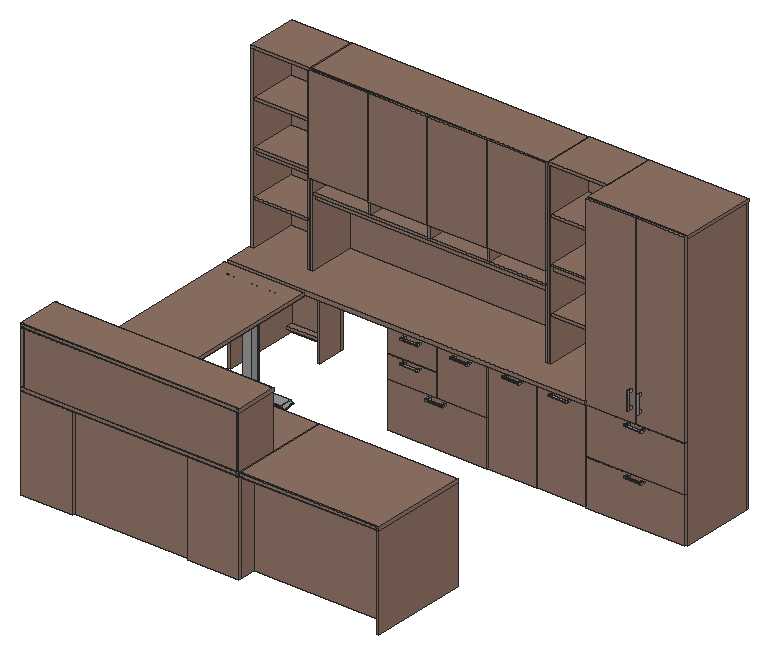
Revit family "JSI-Vision-Typical_Veneer-VSV112", category Furniture, Revit 2020 (continued)
Definition of nested family "JSI-Vision-File_File_Lateral_Storage_Cabinet"
  Dimensions and locks (in)
    aligned and locked: Extrusion 8 to plane 46
    aligned and locked: plane 21 to Extrusion 8
    aligned and locked: Extrusion 11 to plane 20
    aligned and locked: plane 21 to Extrusion 11
    aligned and locked: plane 42 to nested 5
    aligned and locked: plane 43 to nested 4
    aligned and locked: plane 24 to nested 4
    aligned and locked: plane 24 to nested 5
    aligned and locked: Extrusion 8 to plane 39
    aligned and locked: plane 13 to Extrusion 9
    aligned and locked: plane 13 to Extrusion 10
    aligned and locked: plane 44 to nested 1
    aligned and locked: curve 1 to Extrusion 4
    aligned and locked: curve 2 to Extrusion 4
    aligned and locked: curve 3 to Extrusion 4
    aligned and locked: curve 4 to Extrusion 4
    aligned and locked: curve 5 to Extrusion 8
    aligned and locked: curve 6 to Extrusion 8
    aligned and locked: curve 7 to Extrusion 8
    aligned and locked: curve 8 to Extrusion 8
    aligned and locked: curve 9 to Extrusion 7
    aligned and locked: curve 10 to Extrusion 7
    aligned and locked: curve 11 to Extrusion 7
    aligned and locked: curve 12 to Extrusion 7
    aligned and locked: Extrusion 11 sketch curve to plane 40
    aligned and locked: plane 22 to Extrusion 11 sketch curve
    aligned and locked: Extrusion 11 sketch curve to Extrusion 11 sketch curve  (x2)
    aligned and locked: plane 44 to nested 5
    aligned and locked: plane 44 to nested 4
  Automatic sketch dimensions
    Extrusion 9 sketch curve to Extrusion 9 sketch curve = 3/4"
    Extrusion 10 sketch curve to Extrusion 10 sketch curve = 3/4"
    Extrusion 7 sketch curve to plane 20 = 0"
    plane 21 to Extrusion 8 sketch curve = 0"
    Extrusion 7 sketch curve to plane 30 = 1 5/8"
    Extrusion 8 sketch curve to plane 30 = 1 1/2"
    Extrusion 12 sketch curve to Extrusion 12 sketch curve = 3/4"
    Extrusion 13 sketch curve to Extrusion 13 sketch curve = 3/4"
    Extrusion 14 sketch curve to Extrusion 14 sketch curve = 3/4"
  Nested families (in)
    nested 1: "Label 1-16 OH" at (18, -23.875, 0), type "OH DOORS"
    nested 2: "Vertical Bar Pull" at (19.5625, -23.875, 34.25), Pull Finish <- "Pull Finish", type "PL"
      with Pull Finish none
    nested 3: "Vertical Bar Pull" at (16.4375, -23.875, 34.25), Pull Finish <- "Pull Finish", type "PL"
      with Pull Finish none
    nested 4: "Bar Pull" at (18, -23.875, 13.2), Pull Finish <- "Pull Finish", type "PL"
      with Pull Finish none
    nested 5: "Bar Pull" at (18, -23.875, 27.135), Pull Finish <- "Pull Finish", type "PL"
      with Pull Finish none
  Definition of nested family "Vertical Bar Pull"
    Parameters
      Pull Finish [instance] = none
      Default Elevation = 0"
    Reference planes (in)
      plane 1 "Center Front/Back": y = 0
      plane 2: z = 0
      plane 3 "Center Left/Right": x = 0
      plane 4: x = -2.68731
      plane 5: x = -1.88731
      plane 6: x = 2.68731
      plane 7: x = 1.88731
      plane 8: y = -1
      plane 9: y = -0.85202
      plane 10: z = 2.68731
      plane 11: z = 1.88731
      plane 12: z = -1.88731
      plane 13: z = -2.68731
    Forms (in)
      Extrusion 1, solid, material <- "Pull Finish"
        sketch origin (0, 0, 0) x (0, 1, 0) y (-1, 0, 0)
          loop
            line (0, -0.2015) -> (0, 0.2015) -> (-0.85202, 0.2015)
            arc (-0.85202, 0.2015) -> (-0.75, 0) -> (-0.85202, -0.2015) r 0.25
            line (-0.85202, -0.2015) -> (0, -0.2015)
        from 1.88731 to 2.68731
      Extrusion 2, solid, material <- "Pull Finish"
        sketch origin (0, 0, 0) x (0, 1, 0) y (-1, 0, 0)
          loop
            circle (-1, 0) r 0.25
        from -2.68731 to 2.68731
      Extrusion 3, solid, material <- "Pull Finish"
        sketch origin (0, 0, 0) x (1, 0, 0) y (0, 1, 0)
          loop
            line (0.2015, 0) -> (-0.2015, 0) -> (-0.2015, -0.85202)
            arc (-0.2015, -0.85202) -> (0, -0.75) -> (0.2015, -0.85202) r 0.25
            line (0.2015, -0.85202) -> (0.2015, 0)
        from 1.88731 to 2.68731
      Extrusion 4, solid, material <- "Pull Finish"
        sketch origin (0, 0, -4.57462) x (1, 0, 0) y (0, 1, 0)
          loop
            line (0.2015, 0) -> (-0.2015, 0) -> (-0.2015, -0.85202)
            arc (-0.2015, -0.85202) -> (0, -0.75) -> (0.2015, -0.85202) r 0.25
            line (0.2015, -0.85202) -> (0.2015, 0)
        from 1.88731 to 2.68731
    Dimensions and locks (in)
      plane 4 to plane 5 to plane 3 "Center Left/Right" to plane 7 to plane 6 = 0.8" locked, 1.88731" locked, 1.88731" locked, 0.8" locked
      plane 8 to plane 9 to plane 1 "Center Front/Back" = 0.14798" locked, 0.85202" locked
      plane 13 to plane 12 to plane 2 to plane 11 to plane 10 = 0.8" locked, 1.88731" locked, 1.88731" locked, 0.8" locked
      plane 1 "Center Front/Back" to plane 9 to plane 8 = 0.85202" locked, 0.14798" locked
      aligned and locked: level to plane 2
      aligned and locked: plane 8 to Extrusion 2 sketch curve
      aligned and locked: Extrusion 3 to plane 1 "Center Front/Back"
      aligned and locked: Extrusion 1 to plane 1 "Center Front/Back"
      aligned and locked: Extrusion 4 to plane 1 "Center Front/Back"
      aligned and locked: Extrusion 3 to plane 10
      aligned and locked: Extrusion 3 to plane 11
      aligned and locked: Extrusion 2 to plane 10
      aligned and locked: Extrusion 2 to plane 13
      aligned and locked: Extrusion 4 to plane 13
      aligned and locked: Extrusion 4 to plane 12
      aligned and locked: plane 1 "Center Front/Back" to Extrusion 4
      aligned and locked: plane 1 "Center Front/Back" to Extrusion 3
      aligned and locked: Extrusion 4 to plane 9
      aligned and locked: Extrusion 3 to plane 9
  Definition of nested family "Bar Pull"
    Parameters
      Pull Finish [instance] = none
      Default Elevation = 0"
    Reference planes (in)
      plane 1 "Center Front/Back": y = 0
      plane 2: z = 0
      plane 3 "Center Left/Right": x = 0
      plane 4: x = -2.68731
      plane 5: x = -1.88731
      plane 6: x = 2.68731
      plane 7: x = 1.88731
      plane 8: y = -1
      plane 9: y = -0.85202
    Forms (in)
      Extrusion 1, solid, material <- "Pull Finish"
        sketch origin (0, 0, 0) x (0, 1, 0) y (0, 0, 1)
          loop
            line (0, -0.2015) -> (0, 0.2015) -> (-0.85202, 0.2015)
            arc (-0.85202, 0.2015) -> (-0.75, 0) -> (-0.85202, -0.2015) r 0.25
            line (-0.85202, -0.2015) -> (0, -0.2015)
        from 1.88731 to 2.68731
      Extrusion 2, solid, material <- "Pull Finish"
        sketch origin (0, 0, 0) x (0, 1, 0) y (0, 0, 1)
          loop
            circle (-1, 0) r 0.25
        from -2.68731 to 2.68731
      Extrusion 3, solid, material <- "Pull Finish"
        sketch origin (0, 0, 0) x (0, 1, 0) y (0, 0, -1)
          loop
            line (0, 0.2015) -> (-0.85202, 0.2015)
            arc (-0.85202, 0.2015) -> (-0.75, 0) -> (-0.85202, -0.2015) r 0.25
            line (-0.85202, -0.2015) -> (0, -0.2015) -> (0, 0.2015)
        from 1.88731 to 2.68731
    Dimensions and locks (in)
      plane 4 to plane 5 to plane 3 "Center Left/Right" to plane 7 to plane 6 = 0.8" locked, 1.88731" locked, 1.88731" locked, 0.8" locked
      plane 8 to plane 9 to plane 1 "Center Front/Back" = 0.14798" locked, 0.85202" locked
      aligned and locked: level to plane 2
      aligned and locked: plane 4 to Extrusion 3
      aligned and locked: Extrusion 3 to plane 5
      aligned and locked: plane 4 to Extrusion 2
      aligned and locked: Extrusion 1 to plane 7
      aligned and locked: plane 6 to Extrusion 1
      aligned and locked: plane 6 to Extrusion 2
      aligned and locked: plane 8 to Extrusion 2 sketch curve
      aligned and locked: Extrusion 3 to plane 1 "Center Front/Back"
      aligned and locked: Extrusion 1 to plane 1 "Center Front/Back"
      aligned and locked: plane 5 to Extrusion 3
      aligned and locked: Extrusion 3 to plane 4
      aligned and locked: Extrusion 2 to plane 4
      aligned and locked: plane 7 to Extrusion 1
      aligned and locked: Extrusion 1 to plane 6
      aligned and locked: Extrusion 2 to plane 6
  Definition of nested family "Label 1-16 OH"
    Parameters
      Width = 1"
      Model Name = "Storage/Lat File"
    Reference planes (in)
      plane 1: y = 0
      plane 2: x = 0
    Text (in)
      label "XX" at (0.00051, -0.12324, 0), shows "Model Name"
Definition of nested family "JSI-Vision-Modular_Multi_File_Pedestal"
  Parameters (values of type "Type Catalog")
    Width = 30"
    URL = "www.jsifurniture.com"
    Tag = "Multi File"
    Series = "Vision Casegoods"  # constant formula
    Pull Finish = none
    Multi Pstn = if(L, (Width / 4) + 1/8", (3 * Width / 4) + 1/8")  # 7 5/8"
    Model = "Type Catalog"
    Manufacturer = "JSI"  # constant formula
    L = yes
    Keynote = "12500"
    JSI Enviromental website = "http://www.jsifurniture.com/jsi_sustainability_intro.php"
    Height = 28"
    Drwr Width = (Width / 2) - 1/8"  # 14 7/8"
    Description = "Type Catalog"
    Depth = 20"
    Default Elevation = 0"
    Chassis = none
    Grommet Finish = none
    Drawer Front = none
    Assembly Code = "E2020200"
  Reference planes (in)
    plane 1 "Center Front/Back": y = 0
    plane 2: z = 0
    plane 3 "Center Left/Right": x = 0
    plane 4: x = 0.125
    plane 5: x = 30.125
    plane 6: x = 30.25
    plane 7: y = -18.9795
    plane 8: y = -0.1875
    plane 9: y = -19.1095
    plane 10: x = 0.18716
    plane 11: x = 30.06243
    plane 12: y = -19.8595
    plane 13: z = 0.14093
    plane 14: z = 13.95343
    plane 15: z = 14.07843
    plane 16: z = 27.89093
    plane 17: z = 28
    plane 18: x = 0.875
    plane 19: x = 29.376
    plane 20: y = -0.9375
    plane 21: y = -18.23863
    plane 22: z = 13.20284
    plane 23: z = 26.5625
    plane 24: y = -3.9375
    plane 25: x = 15.125
    plane 26: y = -20
    plane 27: y = -9.80266
    plane 28: y = -14.80266
    plane 29: z = 27.09458
    plane 30: z = 21.04768
    plane 31: z = 20.92218
    plane 32: z = 20.17102
    plane 33: x = 7.625
    plane 34: x = 22.625
  Forms (in)
    Extrusion 1, solid, material <- "Chassis"
      sketch origin (0.125, -0.1875, 48) x (0, 1, 0) y (0, 0, 1)
        loop
          line (0, -20) -> (-1.62159, -20) -> (-18.792, -20) -> (-18.792, -48) -> (0, -48) -> (0, -20)
      from 0 to 0.75
    Extrusion 2, solid, material <- "Chassis"
      sketch origin (30.125, -0.1875, 48) x (0, 1, 0) y (0, 0, 1)
        loop
          line (0, -20) -> (-1.14496, -20) -> (-18.792, -20) -> (-18.792, -48) -> (0, -48) -> (0, -20)
      from -0.749 to 0
    Extrusion 3, solid, material <- "Drawer Front"
      sketch origin (0, 0, 0) x (1, 0, 0) y (0, 0, 1)
        loop
          line (0.18716, 13.95343) -> (0.18716, 0.14093) -> (30.06243, 0.14093) -> (30.06243, 13.95343) -> (0.18716, 13.95343)
      from 19.1095 to 19.8595
    Extrusion 4, solid, material <- "Chassis"
      sketch origin (0, 0, 0) x (1, 0, 0) y (0, 1, 0)
        loop
          line (0.875, -18.23863) -> (0.875, -18.9795) -> (29.376, -18.9795) -> (29.376, -18.23863) -> (0.875, -18.23863)
      from 0 to 1.9375
    Extrusion 5, solid, material <- "Chassis"
      sketch origin (0, 0, 0) x (0, 1, 0) y (0, 0, 1)
        loop
          line (-9.80266, 27.09458) -> (-9.80266, 27.89093) -> (-14.80266, 27.89093) -> (-14.80266, 27.09458) -> (-9.80266, 27.09458)
      from 0.875 to 29.376
    Extrusion 6, solid, material <- "Drawer Front"
      sketch origin (0, 0, 0) x (1, 0, 0) y (0, 0, 1)
        loop
          line (0.1875, 14.07843) -> (15.0625, 14.07843) -> (15.0625, 27.89093) -> (0.1875, 27.89093) -> (0.1875, 14.07843)
      from 19.1095 to 19.8595
    Extrusion 7, solid, material <- "Drawer Front"
      sketch origin (0, 0, 0) x (1, 0, 0) y (0, 0, 1)
        loop
          line (15.1875, 21.04768) -> (30.0625, 21.04768) -> (30.0625, 27.89093) -> (15.1875, 27.89093) -> (15.1875, 21.04768)
        loop
          line (15.1875, 20.92218) -> (15.1875, 14.07843) -> (30.0625, 14.07843) -> (30.0625, 20.92218) -> (15.1875, 20.92218)
      from 19.1095 to 19.8595
    Extrusion 8, solid, material <- "Chassis"
      sketch origin (0, 0, 0) x (0, 1, 0) y (0, 0, 1)
        loop
          line (-0.1875, 28) -> (-0.9375, 28) -> (-0.9375, 23) -> (-0.1875, 23) -> (-0.1875, 28)
        loop
          line (-0.1875, 5) -> (-0.9375, 5) -> (-0.9375, 0) -> (-0.1875, 0) -> (-0.1875, 5)
      from 0.875 to 29.376
  Lines and regions (in)
    symbolic lines
      curve 1: line (0.125, -18.9795, 0) -> (0.125, -0.1875, 0)
      curve 2: line (30.125, -0.1875, 0) -> (30.125, -18.9795, 0)
      curve 3: line (0.18716, -19.1095, 0) -> (30.06243, -19.1095, 0)
      curve 4: line (0.18716, -19.8595, 0) -> (0.18716, -19.1095, 0)
      curve 5: line (30.06243, -19.8595, 0) -> (0.18716, -19.8595, 0)
      curve 6: line (30.06243, -19.1095, 0) -> (30.06243, -19.8595, 0)
      curve 7: line (0.875, -0.9375, 0) -> (0.875, -18.9795, 0)
      curve 8: line (0.125, -18.9795, 0) -> (0.875, -18.9795, 0)
      curve 9: line (29.376, -0.9375, 0) -> (29.376, -18.9795, 0)
      curve 10: line (29.376, -18.9795, 0) -> (30.125, -18.9795, 0)
      curve 11: line (0.875, -14.80266, 0) -> (29.376, -14.80266, 0)
      curve 12: line (0.875, -9.80266, 0) -> (29.376, -9.80266, 0)
      curve 13: line (30.125, -0.1875, 0) -> (0.125, -0.1875, 0)
      curve 14: line (0.875, -0.9375, 0) -> (29.376, -0.9375, 0)
  Dimensions and locks (in)
    plane 3 "Center Left/Right" to plane 4 = 1/8"
    locked: plane 5 to plane 6 at 0.125
    "Width": plane 4 to plane 5
    locked: plane 1 "Center Front/Back" to plane 8 at 0.1875
    "Height": plane 17 to level
    locked: plane 8 to plane 20 at 0.75
    plane 21 to plane 7 to plane 9 to plane 12 = 0.74087" locked, 0.13" locked, 3/4" locked
    plane 4 to plane 10 to plane 18 = 0.06216" locked, 0.68784" locked
    plane 19 to plane 11 to plane 5 = 0.68644" locked, 0.06257" locked
    locked: plane 17 to plane 23 at 1.4375
    locked: plane 1 "Center Front/Back" to plane 24 at 3.9375
    plane 3 "Center Left/Right" to plane 25 to plane 6 = 15 1/8", 15 1/8"
    "Depth": plane 26 to plane 1 "Center Front/Back"
    locked: plane 12 to plane 26 at 0.1405
    plane 27 to plane 28 to plane 26 = 5" locked, 5.19734" locked
    equal spacing: Extrusion 7 sketch curve, plane 34, Extrusion 7 sketch curve
    "Drwr Width": Extrusion 7 sketch curve to Extrusion 7 sketch curve
    equal spacing: Extrusion 6 sketch curve, plane 33, Extrusion 6 sketch curve
    "Drwr Width": Extrusion 6 sketch curve to Extrusion 6 sketch curve
    "Multi Pstn": plane 33 to plane 3 "Center Left/Right"
    "Multi Pstn": plane 34 to plane 6
    plane 33 to plane 6 = 22 5/8"
    plane 17 to plane 16 to plane 30 to plane 31 to plane 15 to plane 14 to plane 13 to plane 2 = 0.10907" locked, 6.84325" locked, 0.1255" locked, 6 27/32" locked, 1/8" locked, 13 13/16" locked, 0.14093" locked
    plane 29 to plane 32 to plane 22 to plane 2 = 6.92356" locked, 6.96819" locked, 13.20284" locked
    locked: plane 17 to Extrusion 8 sketch curve at 5
    locked: plane 2 to Extrusion 8 sketch curve at 5
    aligned and locked: level to plane 2
    aligned and locked: Extrusion 1 sketch curve to plane 7
    aligned and locked: Extrusion 1 sketch curve to level
    aligned and locked: Extrusion 2 sketch curve to plane 17
    aligned and locked: level to Extrusion 2 sketch curve
    aligned and locked: plane 7 to Extrusion 2 sketch curve
    aligned and locked: Extrusion 3 sketch curve to plane 14
    aligned and locked: Extrusion 3 sketch curve to plane 10
    aligned and locked: plane 13 to Extrusion 3 sketch curve
    aligned and locked: plane 11 to Extrusion 3 sketch curve
    aligned and locked: Extrusion 3 to plane 12
    aligned and locked: plane 9 to Extrusion 3
    aligned and locked: Extrusion 4 sketch curve to plane 21
    aligned and locked: plane 18 to Extrusion 4 sketch curve
    aligned and locked: plane 22 to nested 1
    aligned and locked: nested 1 to plane 12
    aligned and locked: nested 2 to plane 12
    aligned and locked: plane 12 to nested 3
    aligned and locked: plane 27 to Extrusion 5 sketch curve
    aligned and locked: Extrusion 5 sketch curve to plane 29
    aligned and locked: Extrusion 5 sketch curve to plane 28
    aligned and locked: plane 16 to Extrusion 5 sketch curve
    aligned and locked: Extrusion 5 to plane 18
    aligned and locked: plane 19 to Extrusion 5
    aligned and locked: nested 4 to plane 25
    aligned and locked: nested 4 to plane 26
    aligned and locked: plane 16 to Extrusion 6 sketch curve
    aligned and locked: Extrusion 6 sketch curve to plane 15
    aligned and locked: Extrusion 7 sketch curve to plane 31
    aligned and locked: Extrusion 7 sketch curve to plane 30
    aligned and locked: plane 16 to Extrusion 7 sketch curve
    aligned and locked: plane 15 to Extrusion 7 sketch curve
    aligned and locked: Extrusion 6 to plane 12
    aligned and locked: Extrusion 7 to plane 12
    aligned and locked: plane 9 to Extrusion 6
    aligned and locked: plane 9 to Extrusion 7
    aligned and locked: nested 2 to plane 33
    aligned and locked: nested 3 to plane 34
    aligned and locked: nested 5 to plane 32
    aligned and locked: nested 5 to plane 34
    aligned and locked: Extrusion 7 sketch curve to Extrusion 7 sketch curve  (x2)
    aligned and locked: plane 12 to nested 5
    aligned and locked: curve 11 to Extrusion 5
    aligned and locked: curve 12 to Extrusion 5
    aligned and locked: nested 1 to plane 25
    aligned and locked: plane 8 to Extrusion 1
    aligned and locked: plane 8 to Extrusion 2
    aligned and locked: Extrusion 8 sketch curve to plane 17
    aligned and locked: Extrusion 8 sketch curve to plane 8  (x2)
    aligned and locked: plane 20 to Extrusion 8 sketch curve  (x2)
    aligned and locked: plane 2 to Extrusion 8 sketch curve
    aligned and locked: Extrusion 8 to plane 18
    aligned and locked: plane 19 to Extrusion 8
    aligned and locked: curve 13 to Extrusion 8
    aligned and locked: curve 14 to Extrusion 8
  Automatic sketch dimensions
    Extrusion 1 sketch curve to plane 17 = 0"
    Extrusion 1 sketch curve to Extrusion 1 sketch curve = 1.62159"
    Extrusion 2 sketch curve to plane 20 = 0.39496"
    plane 20 to Extrusion 1 sketch curve = 3/4"
    Extrusion 4 sketch curve to plane 7 = 0"
    Extrusion 4 sketch curve to plane 19 = 0"
    plane 20 to Extrusion 2 sketch curve = 3/4"
    curve 13 to plane 4 = 0"
    curve 5 to plane 10 = 0"
    curve 11 to plane 18 = 0"
    curve 12 to plane 19 = 0"
    curve 6 to plane 11 = 0"
    curve 2 to plane 5 = 0"
    curve 4 to plane 12 = 0"
    curve 3 to plane 9 = 0"
    curve 10 to plane 7 = 0"
    curve 1 to plane 7 = 0"
  Nested families (in)
    nested 1: "Bar Pull" at (15.125, -19.8595, 13.20284), Pull Finish <- "Pull Finish", type "PL"
      with Pull Finish none
    nested 2: "Bar Pull" at (7.625, -19.8595, 27.09458), Pull Finish <- "Pull Finish", type "PL"
      with Pull Finish none
    nested 3: "Bar Pull" at (22.625, -19.8595, 27.09458) x (-1, 0, 0) z (0, 0, 1), Pull Finish <- "Pull Finish", type "PL"
      with Pull Finish none
    nested 4: "Label 1-16" at (15.125, -20, 0), type "DRWCFG"
    nested 5: "Bar Pull" at (22.625, -19.8595, 20.17102) x (-1, 0, 0) z (0, 0, 1), Pull Finish <- "Pull Finish", type "PL"
      with Pull Finish none
  Definition of nested family "Bar Pull"
    Parameters
      Pull Finish [instance] = none
      Default Elevation = 0"
    Reference planes (in)
      plane 1 "Center Front/Back": y = 0
      plane 2: z = 0
      plane 3 "Center Left/Right": x = 0
      plane 4: x = -2.68731
      plane 5: x = -1.88731
      plane 6: x = 2.68731
      plane 7: x = 1.88731
      plane 8: y = -1
      plane 9: y = -0.85202
    Forms (in)
      Extrusion 1, solid, material <- "Pull Finish"
        sketch origin (0, 0, 0) x (0, 1, 0) y (0, 0, 1)
          loop
            line (0, -0.2015) -> (0, 0.2015) -> (-0.85202, 0.2015)
            arc (-0.85202, 0.2015) -> (-0.75, 0) -> (-0.85202, -0.2015) r 0.25
            line (-0.85202, -0.2015) -> (0, -0.2015)
        from 1.88731 to 2.68731
      Extrusion 2, solid, material <- "Pull Finish"
        sketch origin (0, 0, 0) x (0, 1, 0) y (0, 0, 1)
          loop
            circle (-1, 0) r 0.25
        from -2.68731 to 2.68731
      Extrusion 3, solid, material <- "Pull Finish"
        sketch origin (0, 0, 0) x (0, 1, 0) y (0, 0, -1)
          loop
            line (0, 0.2015) -> (-0.85202, 0.2015)
            arc (-0.85202, 0.2015) -> (-0.75, 0) -> (-0.85202, -0.2015) r 0.25
            line (-0.85202, -0.2015) -> (0, -0.2015) -> (0, 0.2015)
        from 1.88731 to 2.68731
    Dimensions and locks (in)
      plane 4 to plane 5 to plane 3 "Center Left/Right" to plane 7 to plane 6 = 0.8" locked, 1.88731" locked, 1.88731" locked, 0.8" locked
      plane 8 to plane 9 to plane 1 "Center Front/Back" = 0.14798" locked, 0.85202" locked
      aligned and locked: level to plane 2
      aligned and locked: plane 4 to Extrusion 3
      aligned and locked: Extrusion 3 to plane 5
      aligned and locked: plane 4 to Extrusion 2
      aligned and locked: Extrusion 1 to plane 7
      aligned and locked: plane 6 to Extrusion 1
      aligned and locked: plane 6 to Extrusion 2
      aligned and locked: plane 8 to Extrusion 2 sketch curve
      aligned and locked: Extrusion 3 to plane 1 "Center Front/Back"
      aligned and locked: Extrusion 1 to plane 1 "Center Front/Back"
      aligned and locked: plane 5 to Extrusion 3
      aligned and locked: Extrusion 3 to plane 4
      aligned and locked: Extrusion 2 to plane 4
      aligned and locked: plane 7 to Extrusion 1
      aligned and locked: Extrusion 1 to plane 6
      aligned and locked: Extrusion 2 to plane 6
  Definition of nested family "Label 1-16"
    Parameters
      Width = 1"
      Model Name = "2 Drw - 2 Drs"
    Reference planes (in)
      plane 1: y = 0
      plane 2: x = 0
    Text (in)
      label "XX" at (0.00051, -0.12324, 0), shows "Model Name"
Definition of nested family "JSI-Vision-Modular_Door_Pedestal"
  Parameters (values of type "Type Catalog")
    Width = 30"
    URL = "www.jsifurniture.com"
    Type Comments = ""
    Tag = "2 Doors"
    Series = "Vision Casegoods"  # constant formula
    Pull Finish = none
    Model = "Type Catalog"
    Material = ""
    Manufacturer = "JSI"  # constant formula
    Keynote = "12500"
    JSI Enviromental Website = "http://www.jsifurniture.com/jsi_sustainability_intro.php"
    Height = 28"
    Grommet Finish = none
    Door Front = none
    Description = "Type Catalog"
    Depth = 20"
    Default Elevation = 0"
    Chassis = none
    Assembly Code = "E2020200"
  Reference planes (in)
    plane 1 "Center Front/Back": y = 0
    plane 2: z = 0
    plane 3 "Center Left/Right": x = 0
    plane 4: z = 0
    plane 5: x = 30
    plane 6: x = 0.125
    plane 7: x = 0.875
    plane 8: y = -3.9375
    plane 9: y = -0.1875
    plane 10: y = -0.9375
    plane 11: x = 15
    plane 12: z = 28
    plane 13: x = 29.875
    plane 14: x = 29.125
    plane 15: x = 0.1875
    plane 16: x = 14.9375
    plane 17: x = 7.90625
    plane 18: z = 27.86195
    plane 19: z = 27.11797
    plane 20: x = 22.0625
    plane 21: x = 15.0625
    plane 22: z = 27.1875
    plane 23: y = -14.61516
    plane 24: y = -9.61516
    plane 25: y = -18.875
    plane 26: y = -19.75
    plane 27: y = -19
    plane 28: y = -20
    plane 29: x = 29.8125
  Forms (in)
    Extrusion 1, solid, material <- "Chassis"
      sketch origin (0.125, -0.1875, 48) x (0, 1, 0) y (0, 0, 1)
        loop
          line (0, -20) -> (-1.5756, -20) -> (-18.6875, -20) -> (-18.6875, -48) -> (0, -48) -> (0, -20)
      from 0 to 0.75
    Extrusion 2, solid, material <- "Chassis"
      sketch origin (0.125, -0.1875, 48) x (0, 1, 0) y (0, 0, 1)
        loop
          line (-17.8125, -46.125) -> (-18.5625, -46.125) -> (-18.5625, -48) -> (-17.8125, -48) -> (-17.8125, -46.125)
      from 0.75 to 29
    Extrusion 3, solid, material <- "Chassis"
      sketch origin (29.875, -0.1875, 48) x (0, 1, 0) y (0, 0, -1)
        loop
          line (0, 20) -> (0, 48) -> (-18.6875, 48) -> (-18.6875, 20) -> (-1.44082, 20) -> (0, 20)
      from 0 to 0.75
    Extrusion 4, solid, material <- "Door Front"
      sketch origin (15.815, -23, 47.1875) x (0, 1, 0) y (0, 0, 1)
        loop
          line (4, -19.32555) -> (3.25, -19.32555) -> (3.25, -47.0625) -> (4, -47.0625) -> (4, -19.32555)
      from -15.6275 to -0.8775
    Extrusion 5, solid, material <- "Chassis"
      sketch origin (15.815, -23.25, 48) x (0, 1, 0) y (0, 0, 1)
        loop
          line (13.63484, -20.8125) -> (13.63484, -20.13805) -> (8.63484, -20.13805) -> (8.63484, -20.8125) -> (13.63484, -20.8125)
      from -14.94 to 13.31
    Extrusion 6, solid, material <- "Door Front"
      sketch origin (20.185, -23, 47.1875) x (0, 1, 0) y (0, 0, -1)
        loop
          line (4, 19.32555) -> (4, 47.0625) -> (3.25, 47.0625) -> (3.25, 19.32555) -> (4, 19.32555)
      from -9.6275 to 5.1225
    Extrusion 7, solid, material <- "Chassis"
      sketch origin (15.815, -23.25, 48) x (0, 1, 0) y (0, 0, 1)
        loop
          line (23.0625, -20) -> (22.8125, -20) -> (22.8125, -48) -> (23.0625, -48) -> (23.0625, -20)
      from -14.94 to 13.31
    Extrusion 8, solid, material <- "Chassis"
      sketch origin (15.815, -23.25, 48) x (0, 1, 0) y (0, 0, 1)
        loop
          line (5.25, -46.8125) -> (22.8125, -46.8125) -> (22.8125, -46.0625) -> (5.25, -46.0625) -> (5.25, -46.8125)
      from -14.94 to 13.31
    Extrusion 9, solid, material <- "Chassis"
      sketch origin (15.815, -23.25, 48) x (0, 1, 0) y (0, 0, 1)
        loop
          line (6.8125, -32.64469) -> (6.8125, -33.39469) -> (22.8125, -33.39469) -> (22.8125, -32.64469) -> (6.8125, -32.64469)
      from -14.94 to 13.31
  Lines and regions (in)
    symbolic lines
      curve 1: line (0.125, -0.1875, 0) -> (0.125, -18.875, 0)
      curve 2: line (0.125, -18.875, 0) -> (0.875, -18.875, 0)
      curve 3: line (0.875, -18.875, 0) -> (0.875, -0.1875, 0)
      curve 4: line (29.875, -0.1875, 0) -> (29.875, -18.875, 0)
      curve 5: line (29.875, -18.875, 0) -> (29.125, -18.875, 0)
      curve 6: line (29.125, -18.875, 0) -> (29.125, -0.1875, 0)
      curve 7: line (0.875, -9.61516, 0) -> (29.125, -9.61516, 0)
      curve 8: line (0.875, -14.61516, 0) -> (29.125, -14.61516, 0)
      curve 9: line (0.1875, -19, 0) -> (0.1875, -19.75, 0)
      curve 10: line (0.1875, -19.75, 0) -> (14.9375, -19.75, 0)
      curve 11: line (14.9375, -19.75, 0) -> (14.9375, -19, 0)
      curve 12: line (14.9375, -19, 0) -> (0.1875, -19, 0)
      curve 13: line (15.0625, -19, 0) -> (15.0625, -19.75, 0)
      curve 14: line (15.0625, -19.75, 0) -> (29.8125, -19.75, 0)
      curve 15: line (29.8125, -19.75, 0) -> (29.8125, -19, 0)
      curve 16: line (29.8125, -19, 0) -> (15.0625, -19, 0)
      curve 17: line (0.875, -0.1875, 0) -> (0.125, -0.1875, 0)
      curve 18: line (29.875, -0.1875, 0) -> (29.125, -0.1875, 0)
      curve 19: line (29.125, -0.1875, 0) -> (0.875, -0.1875, 0)
      curve 20: line (0.875, -0.4375, 0) -> (29.125, -0.4375, 0)
  Dimensions and locks (in)
    "Width": plane 3 "Center Left/Right" to plane 5
    plane 3 "Center Left/Right" to plane 6 to plane 7 = 1/8" locked, 3/4" locked
    plane 10 to plane 9 to plane 1 "Center Front/Back" = 3/4" locked, 3/16" locked
    equal spacing: plane 3 "Center Left/Right", plane 11, plane 5
    plane 5 to plane 13 to plane 14 = 1/8" locked, 3/4" locked
    equal spacing: plane 7, plane 17, plane 16
    "Height": level to plane 12
    plane 24 to plane 23 to plane 25 to plane 27 to plane 26 = 5" locked, 4.25984" locked, 1/8" locked, 3/4" locked
    "Depth": plane 1 "Center Front/Back" to plane 28
    locked: plane 26 to plane 28 at 0.25
    equal spacing: plane 11, plane 20, plane 14
    plane 16 to plane 11 to plane 21 = 1/16" locked, 1/16" locked
    locked: plane 6 to plane 15 at 0.0625
    locked: plane 29 to plane 13 at 0.0625
    Extrusion 2 sketch curve to Extrusion 2 sketch curve to plane 27 = 3/4" locked, 1/4" locked
    locked: plane 4 to Extrusion 2 sketch curve at 1.875
    locked: plane 9 to Extrusion 7 sketch curve at 0.25
    plane 4 to Extrusion 8 sketch curve to Extrusion 8 sketch curve = 1 3/16" locked, 3/4" locked
    locked: Extrusion 8 sketch curve to plane 27 at 1
    locked: plane 9 to Extrusion 8 sketch curve at 0.25
    plane 19 to plane 18 to plane 12 = 0.74398" locked, 0.13805" locked
    locked: plane 10 to Extrusion 9 sketch curve at 15.5
    Extrusion 9 sketch curve to Extrusion 9 sketch curve to plane 4 = 3/4" locked, 14.60531" locked
    locked: plane 1 "Center Front/Back" to Extrusion 9 sketch curve at 0.4375
    aligned and locked: level to plane 2
    aligned and locked: plane 7 to Extrusion 1
    aligned and locked: Extrusion 3 to plane 14
    aligned and locked: Extrusion 2 to plane 7
    aligned and locked: Extrusion 2 to plane 14
    aligned and locked: plane 15 to Extrusion 4
    aligned and locked: Extrusion 4 to plane 16
    aligned and locked: nested 1 to plane 19
    aligned and locked: nested 1 to plane 17
    aligned and locked: nested 2 to plane 11
    aligned and locked: Extrusion 5 sketch curve to plane 18
    aligned and locked: plane 24 to Extrusion 5 sketch curve
    aligned and locked: Extrusion 5 sketch curve to plane 22
    aligned and locked: Extrusion 5 sketch curve to plane 23
    aligned and locked: Extrusion 5 to plane 7
    aligned and locked: Extrusion 5 to plane 14
    aligned and locked: plane 27 to Extrusion 4
    aligned and locked: Extrusion 4 to plane 26
    aligned and locked: plane 20 to nested 3
    aligned and locked: plane 19 to nested 3
    aligned and locked: Extrusion 6 to plane 26
    aligned and locked: plane 27 to Extrusion 6
    aligned and locked: plane 16 to Extrusion 4  (x3)
    aligned and locked: Extrusion 6 to plane 21
    aligned and locked: plane 21 to Extrusion 6  (x2)
    aligned and locked: Extrusion 4 to plane 15  (x2)
    aligned and locked: nested 1 to plane 26
    aligned and locked: plane 26 to nested 3
    aligned and locked: nested 3 to plane 26
    aligned and locked: curve 7 to Extrusion 5
    aligned and locked: curve 8 to Extrusion 5
    aligned and locked: nested 2 to plane 26
    aligned and locked: Extrusion 4 to plane 18
    aligned and locked: Extrusion 6 to plane 18
    aligned and locked: Extrusion 6 to plane 29
    aligned and locked: curve 13 to plane 21
    aligned and locked: curve 11 to plane 16
    aligned and locked: plane 4 to Extrusion 2 sketch curve
    aligned and locked: plane 9 to Extrusion 1
    aligned and locked: plane 9 to Extrusion 3
    aligned and locked: curve 6 to Extrusion 3
    aligned and locked: curve 17 to Extrusion 1
    aligned and locked: curve 18 to Extrusion 3
    aligned and locked: Extrusion 7 sketch curve to plane 9
    aligned and locked: plane 12 to Extrusion 7 sketch curve
    aligned and locked: plane 2 to Extrusion 7 sketch curve
    aligned and locked: Extrusion 7 to plane 7
    aligned and locked: Extrusion 7 to plane 14
    aligned and locked: curve 19 to Extrusion 7
    aligned and locked: curve 20 to Extrusion 7
    aligned and locked: Extrusion 8 to plane 7
    aligned and locked: Extrusion 8 to plane 14
    aligned and locked: Extrusion 9 to plane 7
    aligned and locked: Extrusion 9 to plane 14
  Automatic sketch dimensions
    plane 12 to Extrusion 1 sketch curve = 0"
    Extrusion 1 sketch curve to plane 25 = 0"
    Extrusion 1 sketch curve to level = 0"
    plane 10 to Extrusion 1 sketch curve = 3/4"
    plane 12 to Extrusion 3 sketch curve = 0"
    Extrusion 3 sketch curve to plane 25 = 0"
    Extrusion 3 sketch curve to level = 0"
    Extrusion 3 sketch curve to plane 10 = 3/4"
    Extrusion 4 sketch curve to plane 26 = 0"
    Extrusion 4 sketch curve to plane 27 = 0"
    level to Extrusion 4 sketch curve = 1/8"
    Extrusion 6 sketch curve to plane 26 = 0"
    Extrusion 6 sketch curve to plane 27 = 0"
    level to Extrusion 6 sketch curve = 1/8"
    plane 22 to Extrusion 4 sketch curve = 0.67445"
    plane 22 to Extrusion 6 sketch curve = 0.67445"
    Extrusion 1 sketch curve to Extrusion 1 sketch curve = 1.5756"
    plane 10 to Extrusion 3 sketch curve = 0.69082"
    curve 1 to plane 6 = 0"
    curve 12 to plane 15 = 0"
    curve 3 to plane 7 = 0"
    curve 16 to plane 27 = 0"
    curve 16 to plane 29 = 0"
    curve 5 to plane 25 = 0"
    curve 9 to plane 26 = 0"
    curve 15 to plane 26 = 0"
    curve 12 to plane 27 = 0"
    curve 1 to plane 25 = 0"
    curve 5 to plane 13 = 0"
  Nested families (in)
    nested 1: "Bar Pull" at (7.90625, -19.75, 27.11797), Pull Finish <- "Pull Finish", type "PL"
      with Pull Finish none
    nested 2: "Label 1-16" at (15, -19.75, 0), type "DRWCFG"
    nested 3: "Bar Pull" at (22.0625, -19.75, 27.11797) x (-1, 0, 0) z (0, 0, 1), Pull Finish <- "Pull Finish", type "PL"
      with Pull Finish none
  Definition of nested family "Bar Pull"
    Parameters
      Pull Finish [instance] = none
      Default Elevation = 0"
    Reference planes (in)
      plane 1 "Center Front/Back": y = 0
      plane 2: z = 0
      plane 3 "Center Left/Right": x = 0
      plane 4: x = -2.68731
      plane 5: x = -1.88731
      plane 6: x = 2.68731
      plane 7: x = 1.88731
      plane 8: y = -1
      plane 9: y = -0.85202
    Forms (in)
      Extrusion 1, solid, material <- "Pull Finish"
        sketch origin (0, 0, 0) x (0, 1, 0) y (0, 0, 1)
          loop
            line (0, -0.2015) -> (0, 0.2015) -> (-0.85202, 0.2015)
            arc (-0.85202, 0.2015) -> (-0.75, 0) -> (-0.85202, -0.2015) r 0.25
            line (-0.85202, -0.2015) -> (0, -0.2015)
        from 1.88731 to 2.68731
      Extrusion 2, solid, material <- "Pull Finish"
        sketch origin (0, 0, 0) x (0, 1, 0) y (0, 0, 1)
          loop
            circle (-1, 0) r 0.25
        from -2.68731 to 2.68731
      Extrusion 3, solid, material <- "Pull Finish"
        sketch origin (0, 0, 0) x (0, 1, 0) y (0, 0, -1)
          loop
            line (0, 0.2015) -> (-0.85202, 0.2015)
            arc (-0.85202, 0.2015) -> (-0.75, 0) -> (-0.85202, -0.2015) r 0.25
            line (-0.85202, -0.2015) -> (0, -0.2015) -> (0, 0.2015)
        from 1.88731 to 2.68731
    Dimensions and locks (in)
      plane 4 to plane 5 to plane 3 "Center Left/Right" to plane 7 to plane 6 = 0.8" locked, 1.88731" locked, 1.88731" locked, 0.8" locked
      plane 8 to plane 9 to plane 1 "Center Front/Back" = 0.14798" locked, 0.85202" locked
      aligned and locked: level to plane 2
      aligned and locked: plane 4 to Extrusion 3
      aligned and locked: Extrusion 3 to plane 5
      aligned and locked: plane 4 to Extrusion 2
      aligned and locked: Extrusion 1 to plane 7
      aligned and locked: plane 6 to Extrusion 1
      aligned and locked: plane 6 to Extrusion 2
      aligned and locked: plane 8 to Extrusion 2 sketch curve
      aligned and locked: Extrusion 3 to plane 1 "Center Front/Back"
      aligned and locked: Extrusion 1 to plane 1 "Center Front/Back"
      aligned and locked: plane 5 to Extrusion 3
      aligned and locked: Extrusion 3 to plane 4
      aligned and locked: Extrusion 2 to plane 4
      aligned and locked: plane 7 to Extrusion 1
      aligned and locked: Extrusion 1 to plane 6
      aligned and locked: Extrusion 2 to plane 6
  Definition of nested family "Label 1-16"
    Parameters
      Width = 1"
      Model Name = "2 Drw - 2 Drs"
    Reference planes (in)
      plane 1: y = 0
      plane 2: x = 0
    Text (in)
      label "XX" at (0.00051, -0.12324, 0), shows "Model Name"
Definition of nested family "JSI-Vision-Rectangle_Desk_Top"
  Parameters (values of type "Type Catalog")
    Worksurface = none
    Width = 42"
    URL = "www.jsifurniture.com"
    Type Comments = ""
    Series = "Vision Casegoods"  # constant formula
    Model = "Type Catalog"
    Material = ""
    Manufacturer = "JSI"  # constant formula
    Keynote = "12500"
    JSI Enviromental Website = "http://www.jsifurniture.com/jsi_sustainability_intro.php"
    Height = 30"
    Description = "Type Catalog"
    Depth = 30"
    Default Elevation = 0"
    Assembly Code = "E2020200"
  Reference planes (in)
    plane 1 "Center Front/Back": y = 0
    plane 2: z = 0
    plane 3 "Center Left/Right": x = 0
    plane 4: z = 0
    plane 5: x = 42
    plane 6: y = -30
    plane 7: z = 31.1875
    plane 8: z = 30
  Forms (in)
    Extrusion 1, solid, material <- "Worksurface"
      sketch origin (0, 0, 28) x (0, 1, 0) y (0, 0, 1)
        loop
          line (-29.88189, 2) -> (0, 2) -> (0, 3.1875) -> (-29.88189, 3.1875)
          arc (-29.88189, 3.1875) -> (-29.96541, 3.15291) -> (-30, 3.06939) r 0.11811
          line (-30, 3.06939) -> (-30, 2.11811)
          arc (-30, 2.11811) -> (-29.96541, 2.03459) -> (-29.88189, 2) r 0.11811
      from 0 to 42
  Lines and regions (in)
    symbolic lines
      curve 1: line (0, 0, 0) -> (42, 0, 0)
      curve 2: line (0, -30, 0) -> (0, 0, 0)
      curve 3: line (42, -30, 0) -> (0, -30, 0)
      curve 4: line (42, 0, 0) -> (42, -30, 0)
  Dimensions and locks (in)
    "Depth": plane 6 to plane 1 "Center Front/Back"
    "Width": plane 5 to plane 3 "Center Left/Right"
    locked: plane 7 to plane 8 at 1.1875
    "Height": plane 8 to level
    aligned and locked: level to plane 2
    aligned and locked: plane 5 to Extrusion 1
    aligned and locked: curve 1 to Extrusion 1
    aligned and locked: curve 2 to Extrusion 1
    aligned and locked: plane 6 to curve 3
    aligned and locked: curve 4 to plane 5
    aligned and locked: Extrusion 1 to plane 8
    aligned and locked: Extrusion 1 to plane 7
  Automatic sketch dimensions
    Extrusion 1 sketch curve to plane 6 = 0"
    level to Extrusion 1 sketch curve = 30"
    Extrusion 1 sketch curve to plane 7 = 0"
    Extrusion 1 sketch curve to plane 1 "Center Front/Back" = 0"
    Extrusion 1 sketch curve to Extrusion 1 sketch curve = 0.11811"
    plane 6 to Extrusion 1 sketch curve = 0.11811"
Definition of nested family "JSI-Vision-Shell_Desk-Break_Front_Modesty"
  Parameters (values of type "Type Catalog")
    Worksurface = none
    Width = 60"
    URL = "www.jsifurniture.com"
    Type Comments = ""
    Series = "Vision Casegoods"  # constant formula
    Model = "Type Catalog"
    Material = ""
    Manufacturer = "JSI"  # constant formula
    Keynote = "12500"
    JSI Enviromental Website = "http://www.jsifurniture.com/jsi_sustainability_intro.php"
    Height = 29 3/16"
    Grommet Finish = none
    Description = "Type Catalog"
    Depth = 30"
    Default Elevation = 0"
    Chassis = none
    Assembly Code = "E2020200"
  Reference planes (in)
    plane 1 "Center Front/Back": y = 0
    plane 2: z = 0
    plane 3 "Center Left/Right": x = 0
    plane 4: z = 0
    plane 5: y = -30
    plane 6: x = 60
    plane 7: y = -15
    plane 8: x = 30
    plane 9: z = 29.1875
    plane 10: z = 28
    plane 11: y = -0.875
  Forms (in)
    Extrusion 1, solid, material <- "Chassis"
      sketch origin (0, 0, 0) x (0, 1, 0) y (0, 0, 1)
        loop
          line (-1.82417, 28) -> (-29.81251, 28) -> (-29.81251, 0) -> (-0.875, 0) -> (-0.875, 28) -> (-1.82417, 28)
      from 0.125 to 0.874
    Extrusion 2, solid, material <- "Chassis"
      sketch origin (60, 0, 0) x (0, 1, 0) y (0, 0, -1)
        loop
          line (-1.82365, -28) -> (-0.875, -28) -> (-0.875, 0) -> (-29.81251, 0) -> (-29.81251, -28) -> (-1.82365, -28)
      from 0.125 to 0.874
    Extrusion 3, solid, material <- "Chassis"
      sketch origin (0, 0, 0) x (1, 0, 0) y (0, 1, 0)
        loop
          line (0.125, -0.125) -> (0.125, -0.875) -> (15.749, -0.875) -> (15.749, -0.125) -> (0.125, -0.125)
      from 0 to 28
    Extrusion 4, solid, material <- "Chassis"
      sketch origin (60, 0, 0) x (-1, 0, 0) y (0, -1, 0)
        loop
          line (0.125, 0.125) -> (15.749, 0.125) -> (15.749, 0.875) -> (0.125, 0.875) -> (0.125, 0.125)
      from 0 to 28
    Extrusion 5, solid, material <- "Chassis"
      sketch origin (0, 0, 0) x (1, 0, 0) y (0, 1, 0)
        loop
          line (13.375, -0.875) -> (13.375, -1.625) -> (46.625, -1.625) -> (46.625, -0.875) -> (13.375, -0.875)
      from 0 to 28
    Extrusion 6, solid, material <- "Worksurface"
      sketch origin (0, 0, 0) x (0, 1, 0) y (0, 0, 1)
        loop
          line (-0.11811, 29.1875) -> (-29.88189, 29.1875)
          arc (-29.88189, 29.1875) -> (-29.96541, 29.15291) -> (-30, 29.06939) r 0.11811
          line (-30, 29.06939) -> (-30, 28.11811)
          arc (-30, 28.11811) -> (-29.96541, 28.03459) -> (-29.88189, 28) r 0.11811
          line (-29.88189, 28) -> (-0.11811, 28)
          arc (-0.11811, 28) -> (-0.03459, 28.03459) -> (0, 28.11811) r 0.11811
          line (0, 28.11811) -> (0, 29.06939)
          arc (0, 29.06939) -> (-0.03459, 29.15291) -> (-0.11811, 29.1875) r 0.11811
      from 0 to 60
  Lines and regions (in)
    symbolic lines
      curve 1: line (0, 0, 0) -> (60, 0, 0)
      curve 2: line (0, -30, 0) -> (0, 0, 0)
      curve 3: line (60, -30, 0) -> (0, -30, 0)
      curve 4: line (60, 0, 0) -> (60, -30, 0)
      curve 5: line (0.874, -29.81251, 0) -> (0.874, -0.875, 0)
      curve 6: line (13.375, -0.875, 0) -> (13.375, -1.625, 0)
      curve 7: line (13.375, -1.625, 0) -> (46.625, -1.625, 0)
      curve 8: line (46.625, -1.625, 0) -> (46.625, -0.875, 0)
      curve 9: line (44.251, 0, 0) -> (44.251, -0.875, 0)
      curve 10: line (59.126, -0.875, 0) -> (0.874, -0.875, 0)
      curve 11: line (15.749, -0.875, 0) -> (15.749, 0, 0)
      curve 12: line (59.126, -0.875, 0) -> (59.126, -29.81251, 0)
      curve 13: line (59.126, -29.81251, 0) -> (60, -29.81251, 0)
      curve 14: line (0, -29.81251, 0) -> (0.874, -29.81251, 0)
  Dimensions and locks (in)
    equal spacing: plane 3 "Center Left/Right", plane 8, plane 6
    equal spacing: plane 1 "Center Front/Back", plane 7, plane 5
    "Width": plane 3 "Center Left/Right" to plane 6
    "Depth": plane 1 "Center Front/Back" to plane 5
    "Height": plane 9 to level
    locked: plane 9 to plane 10 at 1.1875
    plane 3 "Center Left/Right" to Extrusion 1 to Extrusion 1 = 1/8" locked, 0.749" locked
    Extrusion 2 to Extrusion 2 to Extrusion 6 = 0.749" locked, 1/8" locked
    locked: plane 1 "Center Front/Back" to plane 11 at 0.875
    Extrusion 5 to Extrusion 5 to Extrusion 3 = 3/4" locked, 3/4" locked
    plane 3 "Center Left/Right" to Extrusion 3 = 15.749"
    locked: Extrusion 4 to plane 6 at 15.749
    locked: plane 3 "Center Left/Right" to Extrusion 5 at 13.375
    locked: Extrusion 5 to plane 6 at 13.375
    locked: plane 5 to Extrusion 1 at 0.18749
    locked: plane 5 to Extrusion 2 at 0.18749
    aligned and locked: level to plane 2
    aligned and locked: plane 9 to Extrusion 6
    aligned and locked: plane 10 to Extrusion 6
    aligned and locked: Extrusion 2 to plane 10
    aligned and locked: Extrusion 4 to plane 10
    aligned and locked: Extrusion 5 to plane 10
    aligned and locked: plane 10 to Extrusion 4
    aligned and locked: Extrusion 3 to plane 10
    aligned and locked: Extrusion 3 to Extrusion 1
    aligned and locked: Extrusion 4 to Extrusion 2
    aligned and locked: Extrusion 6 to plane 3 "Center Left/Right"
    aligned and locked: Extrusion 6 to plane 6
    aligned and locked: Extrusion 3 to plane 11
    aligned and locked: Extrusion 4 to plane 11
    aligned and locked: plane 11 to Extrusion 5
    aligned and locked: Extrusion 6 to plane 1 "Center Front/Back"
    aligned and locked: Extrusion 6 to plane 5
    aligned and locked: Extrusion 1 to level
    aligned and locked: Extrusion 3 to level
    aligned and locked: Extrusion 5 to level
    aligned and locked: Extrusion 4 to level
    aligned and locked: Extrusion 2 to level
    aligned and locked: curve 1 to Extrusion 6
    aligned and locked: curve 2 to Extrusion 6
    aligned and locked: curve 3 to Extrusion 6
    aligned and locked: curve 4 to Extrusion 6
    aligned and locked: curve 5 to Extrusion 1
    aligned and locked: curve 6 to Extrusion 5
    aligned and locked: curve 7 to Extrusion 5
    aligned and locked: curve 8 to Extrusion 5
    aligned and locked: curve 9 to Extrusion 4
    aligned and locked: curve 10 to Extrusion 5
    aligned and locked: curve 11 to Extrusion 3
    aligned and locked: curve 12 to Extrusion 2
    aligned and locked: curve 13 to Extrusion 2
    aligned and locked: curve 14 to Extrusion 1
  Automatic sketch dimensions
    level to Extrusion 1 sketch curve = 0"
    plane 5 to Extrusion 1 sketch curve = 3/16"
    plane 1 "Center Front/Back" to Extrusion 1 sketch curve = 7/8"
    level to Extrusion 2 sketch curve = 0"
    plane 5 to Extrusion 2 sketch curve = 3/16"
    plane 1 "Center Front/Back" to Extrusion 2 sketch curve = 7/8"
    plane 3 "Center Left/Right" to Extrusion 3 sketch curve = 1/8"
    plane 1 "Center Front/Back" to Extrusion 3 sketch curve = 7/8"
    plane 8 to Extrusion 3 sketch curve = 14.251"
    plane 1 "Center Front/Back" to Extrusion 3 sketch curve = 1/8"
    Extrusion 4 sketch curve to plane 6 = 1/8"
    Extrusion 4 sketch curve to plane 1 "Center Front/Back" = 7/8"
    plane 8 to Extrusion 4 sketch curve = 14.251"
    Extrusion 4 sketch curve to plane 1 "Center Front/Back" = 1/8"
    plane 1 "Center Front/Back" to Extrusion 5 sketch curve = 1 5/8"
    plane 3 "Center Left/Right" to Extrusion 5 sketch curve = 13 3/8"
    plane 6 to Extrusion 5 sketch curve = 13 3/8"
    Extrusion 5 sketch curve to Extrusion 5 sketch curve = 3/4"
    Extrusion 6 sketch curve to plane 5 = 0"
    Extrusion 6 sketch curve to plane 9 = 0"
    plane 10 to Extrusion 6 sketch curve = 0"
    Extrusion 6 sketch curve to plane 1 "Center Front/Back" = 0"
    plane 5 to Extrusion 6 sketch curve = 0.11811"  (x2)
    plane 1 "Center Front/Back" to Extrusion 6 sketch curve = 0.11811"  (x2)
    Extrusion 6 sketch curve to plane 10 = 0.11811"
    curve 10 to plane 11 = 0"
    plane 3 "Center Left/Right" to curve 10 = 0.874"
    curve 6 to plane 11 = 3/4"
    curve 5 to curve 6 = 12.501"
    plane 6 to curve 7 = 13 3/8"
    plane 5 to curve 13 = 3/16"
    curve 13 to curve 13 = 0.874"
    plane 5 to curve 14 = 3/16"
    curve 6 to curve 11 = 2.374"
    curve 9 to curve 8 = 2.374"
    plane 10 to Extrusion 1 sketch curve = 0"
    Extrusion 1 sketch curve to Extrusion 1 sketch curve = 0.94917"
    plane 10 to Extrusion 2 sketch curve = 0"
    Extrusion 2 sketch curve to plane 11 = 0.94865"
Definition of nested family "JSI-Vision_Modular_End_Panel_Return_Shell"
  Parameters (values of type "Type Catalog")
    Default Elevation = 0"
    Chassis = none
    Width = 19 5/8"
    URL = "www.jsifurniture.com"
    Type Comments = ""
    Series = "Vision Casegoods"  # constant formula
    Model = "Type Catalog"
    Material = ""
    Manufacturer = "JSI"  # constant formula
    Keynote = "12500"
    JSI Enviromental Website = "http://www.jsifurniture.com/jsi_sustainability_intro.php"
    Height = 28 13/16"
    Grommet Finish = none
    Description = "Type Catalog"
    Depth = 3/4"
    Assembly Code = "E2020200"
  Types (12): name | Width | URL | Model | JSI Enviromental Website | Description
    Type Catalog | 19 5/8" | "www.jsifurniture.com" | "Type Catalog" | "http://www.jsifurniture.com/jsi_sustainability_intro.php" | "Type Catalog"
    VL24EP, Laminate 28 x 23 5/8  Modular End Panel for Return Shell | 23 5/8" | "www.servex-us.com" | "VL24EP" | "http://www.svxfurniture.com/svx_sustainability_intro.php" | "Modular End Panel for Return Shell, Depth 3/4\"”, Width 23 5/8”,Height 28 13/16\", Laminate Pedestal"
    VL30EP, Laminate 28 x 29 5/8  Modular End Panel for Return Shell | 29 5/8" | "www.servex-us.com" | "VL30EP" | "http://www.svxfurniture.com/svx_sustainability_intro.php" | "Modular End Panel for Return Shell, Depth 3/4\"”, Width 29 5/8”,Height 28 13/16\", Laminate Pedestal"
    VL36EP, Laminate 28 x 35 5/8  Modular End Panel for Return Shell | 35 5/8" | "www.servex-us.com" | "VL36EP" | "http://www.svxfurniture.com/svx_sustainability_intro.php" | "Modular End Panel for Return Shell, Depth 3/4\"”, Width 35 5/8”,Height 28 13/16\", Laminate Pedestal"
    VL42EP, Laminate 28 x 41 5/8  Modular End Panel for Return Shell | 41 5/8" | "www.servex-us.com" | "VL42EP" | "http://www.svxfurniture.com/svx_sustainability_intro.php" | "Modular End Panel for Return Shell, Depth 3/4\"”, Width 41 5/8”,Height 28 13/16\", Laminate Pedestal"
    VL48EP, Laminate 28 x 47 5/8  Modular End Panel for Return Shell | 47 5/8" | "www.servex-us.com" | "VL48EP" | "http://www.svxfurniture.com/svx_sustainability_intro.php" | "Modular End Panel for Return Shell, Depth 3/4\"”, Width 47 5/8”,Height 28 13/16\", Laminate Pedestal"
    VV20EP, Veneer 28 x 19 5/8  Modular End Panel for Return Shell | 19 5/8" | "www.servex-us.com" | "VV20EP" | "http://www.svxfurniture.com/svx_sustainability_intro.php" | "Modular End Panel for Return Shell, Depth 3/4\"”, Width 19 5/8”,Height 28 13/16\", Veneer Pedestal"
    VV24EP, Veneer 28 x 23 5/8  Modular End Panel for Return Shell | 23 5/8" | "www.servex-us.com" | "VV24EP" | "http://www.svxfurniture.com/svx_sustainability_intro.php" | "Modular End Panel for Return Shell, Depth 3/4\"”, Width 23 5/8”,Height 28 13/16\", Veneer Pedestal"
    VV30EP, Veneer 28 x 29 5/8  Modular End Panel for Return Shell | 29 5/8" | "www.servex-us.com" | "VV30EP" | "http://www.svxfurniture.com/svx_sustainability_intro.php" | "Modular End Panel for Return Shell, Depth 3/4\"”, Width 29 5/8”,Height 28 13/16\", Veneer Pedestal"
    VV36EP, Veneer 28 x 35 5/8  Modular End Panel for Return Shell | 35 5/8" | "www.servex-us.com" | "VV36EP" | "http://www.svxfurniture.com/svx_sustainability_intro.php" | "Modular End Panel for Return Shell, Depth 3/4\"”, Width 35 5/8”,Height 28 13/16\", Veneer Pedestal"
    VV42EP, Veneer 28 x 41 5/8  Modular End Panel for Return Shell | 41 5/8" | "www.servex-us.com" | "VV42EP" | "http://www.svxfurniture.com/svx_sustainability_intro.php" | "Modular End Panel for Return Shell, Depth 3/4\"”, Width 41 5/8”,Height 28 13/16\", Veneer Pedestal"
    VV48EP, Veneer 28 x 47 5/8  Modular End Panel for Return Shell | 47 5/8" | "www.servex-us.com" | "VV48EP" | "http://www.svxfurniture.com/svx_sustainability_intro.php" | "Modular End Panel for Return Shell, Depth 3/4\"”, Width 47 5/8”,Height 28 13/16\", Veneer Pedestal"
  Reference planes (in)
    plane 1: z = 0
    plane 2 "Center (Left/Right)": x = -36.06413
    plane 3: z = 28.8125
    plane 4: y = 10
    plane 5 "Center (Front/Back)": y = 10.75
    plane 6: x = -26.25163
    plane 7: x = -16.43913
    plane 8: y = 10
  Forms (in)
    Extrusion 1, solid, material <- "Chassis"
      sketch origin (0, 10.75, 0) x (1, 0, 0) y (0, 0, 1)
        loop
          line (-36.06413, 28.8125) -> (-36.06413, 0) -> (-16.43913, 0) -> (-16.43913, 28.8125) -> (-26.30093, 28.8125) -> (-36.06413, 28.8125)
      from 0 to 0.75
  Lines and regions (in)
    symbolic lines
      curve 1: line (-16.43913, 10.75, 0) -> (-36.06413, 10.75, 0)
      curve 2: line (-36.06413, 10.75, 0) -> (-36.06413, 10, 0)
      curve 3: line (-36.06413, 10, 0) -> (-16.43913, 10, 0)
      curve 4: line (-16.43913, 10, 0) -> (-16.43913, 10.75, 0)
  Dimensions and locks (in)
    "Height": plane 3 to level
    "Depth": plane 5 "Center (Front/Back)" to plane 4
    equal spacing: plane 2 "Center (Left/Right)", plane 6, plane 7
    "Width": plane 2 "Center (Left/Right)" to plane 7
    locked: plane 5 "Center (Front/Back)" to plane 8 at 0.75
    aligned and locked: level to plane 1
    aligned and locked: plane 3 to Extrusion 1 sketch curve
    aligned and locked: Extrusion 1 sketch curve to plane 3
    aligned and locked: Extrusion 1 sketch curve to plane 2 "Center (Left/Right)"
    aligned and locked: Extrusion 1 sketch curve to plane 7
    aligned and locked: Extrusion 1 sketch curve to level
    aligned and locked: Extrusion 1 to plane 8
    aligned and locked: Extrusion 1 to plane 5 "Center (Front/Back)"
    aligned and locked: curve 1 to Extrusion 1
    aligned and locked: curve 2 to Extrusion 1
    aligned and locked: curve 3 to Extrusion 1
    aligned and locked: curve 4 to Extrusion 1
  Automatic sketch dimensions
    curve 1 to plane 2 "Center (Left/Right)" = 0"
    plane 5 "Center (Front/Back)" to curve 1 = 0"
    curve 1 to plane 7 = 0"
    curve 2 to plane 8 = 0"
    plane 6 to Extrusion 1 sketch curve = 0.0493"
Definition of nested family "JSI-Vision-Adjustable_Table_Height_Bridge-Standard_Range"
  Parameters (values of type "VST2446AHB-S - Adjustable Height Table Standard Range 46"W x 24"D")
    Width = 46"
    Upper Leg Finish = none
    URL = "www.jsifurniture.com"
    Type Comments = ""
    Top Finish = none
    Support Finish = none
    Series = "Vision Casegoods"  # constant formula
    Low Leg Finish = none
    Model = "VST2446AHB-S"
    Material = ""
    Manufacturer = "JSI"  # constant formula
    Keynote = "12500"  # constant formula
    JSI Enviromental Website = "http://www.jsifurniture.com/jsi_sustainability_intro.php"
    Height = 29 3/16"
    Glide Finish = none
    Feet Finish = none
    Description = "Adjustable Height Table Desk / Bridge Standard Range Laminate, 24”D x 46”W x  30”H"
    Depth = 24"
    Default Elevation = 0"
    Assembly Code = "E2020200"
    Adj Post Finish = none
  Types (2): name | Model | Description
    VST2446AHB-S - Adjustable Height Table Standard Range 46"W x 24"D | "VST2446AHB-S" | "Adjustable Height Table Desk / Bridge Standard Range Laminate, 24”D x 46”W x  30”H"
    VSV2446AHB-S - Adjustable Height Table Standard Range 46"W x 24"D | "VSV2446AHB-S" | "Adjustable Height Table Desk / Bridge Standard Range Veneer, 24”D x 46”W x 30”H"
  Reference planes (in)
    plane 1 "Center Front/Back": y = 0
    plane 2: z = 0
    plane 3 "Center Left/Right": x = 0
    plane 4: z = 29.1875
    plane 5: z = 28
    plane 6: x = 46
    plane 7: y = -24
    plane 8: y = -12
  Forms (in)
    Extrusion 1, solid, material <- "Top Finish"
      sketch origin (0, 0, 0) x (0, 1, 0) y (0, 0, 1)
        loop
          arc (-23.88189, 29.1875) -> (-23.96256, 29.15006) -> (-24, 29.06939) r 0.12937
          line (-24, 29.06939) -> (-24, 28.11811)
          arc (-24, 28.11811) -> (-23.96256, 28.03744) -> (-23.88189, 28) r 0.12937
          line (-23.88189, 28) -> (-23.72106, 28) -> (-0.27894, 28) -> (-0.11811, 28)
          arc (-0.11811, 28) -> (-0.03744, 28.03744) -> (0, 28.11811) r 0.12937
          line (0, 28.11811) -> (0, 29.06939)
          arc (0, 29.06939) -> (-0.03744, 29.15006) -> (-0.11811, 29.1875) r 0.12937
          line (-0.11811, 29.1875) -> (-23.88189, 29.1875)
      from 0 to 46
  Lines and regions (in)
    symbolic lines
      curve 1: line (0, 0, 0) -> (46, 0, 0)
      curve 2: line (0, -24, 0) -> (0, 0, 0)
      curve 3: line (46, -24, 0) -> (0, -24, 0)
      curve 4: line (46, 0, 0) -> (46, -24, 0)
  Dimensions and locks (in)
    "Height": plane 4 to level
    locked: plane 4 to plane 5 at 1.1875
    "Width": plane 3 "Center Left/Right" to plane 6
    "Depth": plane 1 "Center Front/Back" to plane 7
    equal spacing: plane 1 "Center Front/Back", plane 8, plane 7
    aligned and locked: level to plane 2
    aligned and locked: plane 4 to Extrusion 1 sketch curve
    aligned and locked: Extrusion 1 sketch curve to plane 5
    aligned and locked: Extrusion 1 sketch curve to plane 1 "Center Front/Back"
    aligned and locked: Extrusion 1 sketch curve to plane 7
    aligned and locked: Extrusion 1 to plane 3 "Center Left/Right"
    aligned and locked: Extrusion 1 to plane 6
    aligned and locked: plane 7 to curve 3
    aligned and locked: plane 1 "Center Front/Back" to curve 1
    aligned and locked: plane 3 "Center Left/Right" to curve 2
    aligned and locked: plane 6 to curve 4
    aligned and locked: plane 3 "Center Left/Right" to nested 1
    aligned and locked: nested 1 to plane 8
  Automatic sketch dimensions
    plane 7 to Extrusion 1 sketch curve = 0.11811"  (x2)
    Extrusion 1 sketch curve to plane 5 = 0"  (x2)
    plane 7 to Extrusion 1 sketch curve = 33/256"  (x2)
    Extrusion 1 sketch curve to Extrusion 1 sketch curve = 0.16082"
    plane 1 "Center Front/Back" to Extrusion 1 sketch curve = 0.27894"
    plane 1 "Center Front/Back" to Extrusion 1 sketch curve = 33/256"  (x2)
    plane 1 "Center Front/Back" to Extrusion 1 sketch curve = 0.11811"  (x2)
    plane 5 to Extrusion 1 sketch curve = 0.11811"  (x2)
    Extrusion 1 sketch curve to plane 4 = 33/256"  (x2)
  Nested families (in)
    nested 1: "Adj Base Bridge Desk" at (0, -12, 0), W Top <- "Width", Height <- "Height", Adj Post Finish <- "Adj Post Finish", Feet Finish <- "Feet Finish", Glide Finish <- "Glide Finish", Low Leg Finish <- "Low Leg Finish", Support Finish <- "Support Finish", Upper Leg Finish <- "Upper Leg Finish", type "Adj Base Bridge Desk"
      with W Top 46", Upper Leg Finish none, Support Finish none, Low Leg Finish none, Height 29 3/16", Glide Finish none, Feet Finish none, Adj Post Finish none
  Definition of nested family "Adj Base Bridge Desk"
    Parameters (values of type "Adj Base Bridge Desk")
      W Top [instance] = 46"
      Upper Leg Finish [instance] = none
      Support Finish [instance] = none
      Low Leg Finish [instance] = none
      Height [instance] = 30"
      Glide Finish [instance] = none
      Feet Finish [instance] = none
      Default Elevation = 0"
      Adj Post Finish [instance] = none
    Reference planes (in)
      plane 1 "Center (Front/Back)": y = 0
      plane 2: z = 0
      plane 3 "Center (Left/Right)": x = 0
      plane 4: z = 30
      plane 5: x = 46
      plane 6: z = 28.8125
      plane 7: x = 5.09647
      plane 8: x = 40.90353
    Forms (in)
      Extrusion 1, solid, material <- "Support Finish"
        sketch origin (1.67343, 0, 0) x (-1, 0, 0) y (0, 0, 1)
          loop
            line (-1.26389, 26.65894) -> (-1.26389, 28.50935) -> (-9.9253, 28.50935) -> (-9.9253, 28.23435) -> (-9.36321, 28.23435) -> (-8.86302, 26.65894) -> (-1.26389, 26.65894)
          loop
            line (-41.38925, 26.65894) -> (-33.79012, 26.65894) -> (-33.28993, 28.23435) -> (-32.72784, 28.23435) -> (-32.72784, 28.50935) -> (-41.38925, 28.50935) -> (-41.38925, 26.65894)
        from -1.89028 to 1.90897
      Extrusion 2, solid, material <- "Support Finish"
        sketch origin (8.68126, 0, 0) x (0, 1, 0) y (0, 0, 1)
          loop
            arc (2.60827, 27.31644) -> (2.67785, 27.34526) -> (2.70667, 27.41484) r 0.0984
            line (2.70667, 27.41484) -> (2.70667, 28.59931)
            arc (2.70667, 28.59931) -> (2.67882, 28.66654) -> (2.61158, 28.69439) r 0.09508
            line (2.61158, 28.69439) -> (2.01307, 28.69439)
            arc (2.01307, 28.69439) -> (1.94678, 28.66693) -> (1.91932, 28.60064) r 0.09375
            line (1.91932, 28.60064) -> (1.91932, 27.41484)
            arc (1.91932, 27.41484) -> (1.94814, 27.34526) -> (2.01772, 27.31644) r 0.0984
            line (2.01772, 27.31644) -> (2.60827, 27.31644)
          loop
            line (-2.60827, 27.31644) -> (-2.01772, 27.31644)
